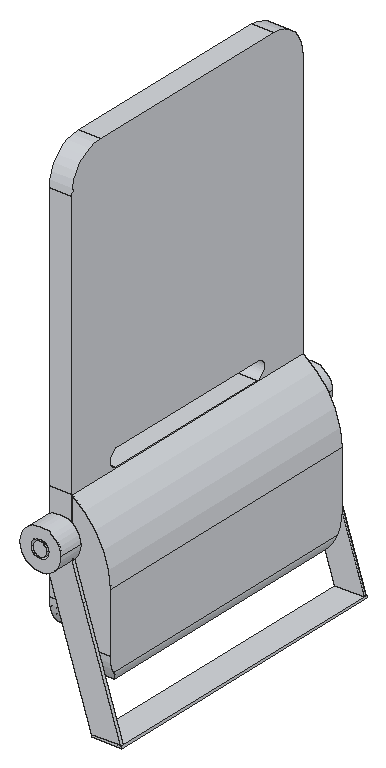
Revit family "2824014", category Generic Models, host Face, Revit 2018
Family settings
  Host = Face
  Can host rebar = No
  Round Connector Dimension = Use Diameter
  Part Type = Normal
  OmniClass Number = 23.80.70.00
  OmniClass Title = Lighting
  Cut with Voids When Loaded = No
  Shared = No
  Room Calculation Point = No
Parameters (values of type "Type Name")
  rotation axis = 142.4 mm
  bracket width = 288 mm
  URL = "http://www.sylvania-lighting.com"
  Type Image = <None>
  Type Comments = "n/a"
  Material_3_SYL = none
  Model = ""
  Manufacturer = "Feilo Sylvania"
  Keynote = ""
  Material_2_SYL = none
  Height = 157.859 mm
  Description = ""
  Default Elevation = 1219.2 mm
  Cost = 0
  Material_1_SYL = none
  Bracket Height = 195 mm
  Assembly Code = ""
  Material_4_SYL = none
Reference planes
  plane 1 "Center (Front/Back)": y = 0
  plane 2: z = 0
  plane 3 "Center (Left/Right)": x = 0
  plane 4: x = -16.5
  plane 5: x = 16.5
  plane 6: z = 155
  plane 7: x = -51.5
  plane 8: z = 137
  plane 9 "Rotation Axis": z = 142.4
  plane 10: z = 152.35
  plane 11: z = 195
  plane 12: x = -73.847
  plane 13: y = -187
  plane 14: y = 187
  plane 15: y = -160
  plane 16: y = 169
  plane 17: y = -169
  plane 18: through (-72.693, -4572, 174.07) normal (-0.3105, 0, 0.9506)
  plane 19: through (-63.557, -4572, 193.954) normal (0.9506, 0, 0.3105)
  plane 20: y = 162
  plane 21: z = 45.804
Forms (mm)
  Extrusion 1, solid, detail levels medium+fine
    sketch origin (0, 0, 0) x (1, 0, 0) y (0, 1, 0)
      loop
        line (-16.5, 169) -> (-16.5, -169) -> (16.5, -169) -> (16.5, 169) -> (-16.5, 169)
    from 0 to 2
  Extrusion 2, solid, detail levels medium+fine
    sketch origin (1524, -349.9, 1220.035) x (1, 0, 0) y (0, 0, 1)
      loop
        line (-1540.496, -1218.035) -> (-1507.966, -1218.035) -> (-1567.674, -1035.217)
        arc (-1567.674, -1035.217) -> (-1587.557, -1026.081) -> (-1596.693, -1045.965) r 15.473
        line (-1596.693, -1045.965) -> (-1540.496, -1218.035)
    from -180.9 to -182.9
  Extrusion 3, solid, detail levels medium+fine
    sketch origin (0, 0, 0.069) x (1, 0, 0) y (0, 0, 1)
      loop
        line (-16.39, 1.931) -> (16.139, 1.931) -> (-43.636, 184.958)
        arc (-43.636, 184.958) -> (-63.457, 193.922) -> (-72.656, 174.21) r 15.474
        line (-72.656, 174.21) -> (-16.39, 1.931)
    from -169 to -167
  Extrusion 4, solid, detail levels medium+fine
    sketch origin (-6.388, 0, 36.204) x (1, 0, 0) y (0, 0, 1)
      loop
        circle (-51.99, 142.374) r 22.5
    from -162 to -187
  Extrusion 5, solid, detail levels medium+fine
    sketch origin (-6.358, 0, 36.195) x (1, 0, 0) y (0, 0, 1)
      loop
        circle (-51.99, 142.374) r 22.5
    from 160 to 187
  Extrusion 6, void
    sketch origin (-6.256, 0, 44.074) x (1, 0, 0) y (0, 0, 1)
      loop
        circle (-52.373, 134.652) r 10
    from 169 to 187
  Extrusion 7, solid, detail levels fine
    sketch origin (-6.561, 0, 36.201) x (1, 0, 0) y (0, 0, 1)
      loop
        circle (-51.99, 142.374) r 7.5
    from 169 to 187
  Extrusion 8, void
    sketch origin (1517.357, -324.9, 1255.472) x (1, 0, 0) y (0, 0, 1)
      loop
        circle (-1575.99, -1076.826) r 10
    from -511.9 to -493.9
  Extrusion 9, solid, detail levels fine
    sketch origin (1517.42, -324.9, 1255.374) x (1, 0, 0) y (0, 0, 1)
      loop
        circle (-1575.99, -1076.826) r 7.5
    from -511.9 to -493.9
  Revolve 10, solid, not visible, detail levels coarse
    sketch origin (-58.257, 1528.788, 1255.151) x (0, 1, 0) y (0, 0, 1)
      loop
        line (-1362.428, -1054.349) -> (-1379.437, -1054.349) -> (-1379.437, -1074.349) -> (-1362.428, -1074.349) -> (-1362.428, -1054.349)
      axis (-1362.428, -1076.8) -> (-1379.437, -1076.8)
    angle from 0 to 180
Cuts and joins
  Extrusion 6 cuts Extrusion 5
  Extrusion 8 cuts Extrusion 4
Dimensions and locks
  "Bracket Height": plane 11 to level
  plane 17 to plane 16 = 338 mm
  equal spacing: plane 17, plane 1 "Center (Front/Back)", plane 16
  plane 13 to cut or joined group of Extrusion 5, Extrusion 6 = 18 mm
  aligned and locked: plane 2 to host face
  aligned and locked: level to host face
Automatic sketch dimensions
  host sketch curve to host sketch curve = 2438.4 mm  (x2)
  Extrusion 1 sketch curve to plane 4 = 0 mm
  Extrusion 1 sketch curve to plane 5 = 0 mm
  Extrusion 4 sketch curve to plane 9 "Rotation Axis" = 36.178 mm
  Extrusion 5 sketch curve to plane 9 "Rotation Axis" = 36.169 mm
  Extrusion 6 sketch curve to plane 9 "Rotation Axis" = 36.326 mm
  Extrusion 7 sketch curve to plane 9 "Rotation Axis" = 36.175 mm
  Extrusion 8 sketch curve to plane 9 "Rotation Axis" = 36.246 mm
  Extrusion 9 sketch curve to plane 9 "Rotation Axis" = 36.148 mm
  Revolve 10 sketch curve to plane 9 "Rotation Axis" = 35.951 mm
  Revolve 10 sketch curve to Revolve 10 sketch curve = 17.009 mm
  Revolve 10 sketch curve to plane 9 "Rotation Axis" = 38.402 mm
  plane 6 to Revolve 10 sketch curve = 45.802 mm
  Revolve 10 sketch curve to Revolve 10 sketch curve = 62.43 mm
  Revolve 10 sketch curve to Revolve 10 sketch curve = 22.367 mm
  plane 12 to Extrusion 2 sketch curve = 1.154 mm
  plane 7 to Extrusion 2 sketch curve = 6.684 mm
  Extrusion 2 sketch curve to plane 7 = 7.826 mm
  plane 4 to Extrusion 2 sketch curve = 0.004 mm
  level to Extrusion 2 sketch curve = 2 mm
  plane 6 to Extrusion 2 sketch curve = 19.07 mm
  Extrusion 2 sketch curve to Extrusion 2 sketch curve = 5.374 mm
  Extrusion 2 sketch curve to plane 5 = 0.466 mm
  plane 12 to Extrusion 3 sketch curve = 1.191 mm
  plane 7 to Extrusion 3 sketch curve = 6.582 mm
  Extrusion 3 sketch curve to plane 7 = 7.864 mm
  plane 4 to Extrusion 3 sketch curve = 0.11 mm
  Extrusion 3 sketch curve to plane 5 = 0.361 mm
  level to Extrusion 3 sketch curve = 2 mm
  Extrusion 3 sketch curve to Extrusion 3 sketch curve = 5.202 mm
  Extrusion 3 sketch curve to plane 11 = 9.973 mm
  plane 7 to Extrusion 6 sketch curve = 7.13 mm
  plane 7 to Extrusion 7 sketch curve = 7.051 mm
  plane 7 to Extrusion 9 sketch curve = 7.07 mm
  plane 7 to Extrusion 4 sketch curve = 6.879 mm
  plane 7 to Extrusion 5 sketch curve = 6.848 mm
  plane 7 to Extrusion 8 sketch curve = 7.133 mm
  Extrusion 1 sketch curve to plane 16 = 0 mm
  Revolve 10 sketch curve to plane 20 = 12.649 mm
  Extrusion 1 sketch curve to plane 17 = 0 mm
  radius of Extrusion 4 sketch curve = 22.5 mm
  radius of Extrusion 5 sketch curve = 22.5 mm
  radius of Extrusion 6 sketch curve = 10 mm
  radius of Extrusion 7 sketch curve = 7.5 mm
  radius of Extrusion 8 sketch curve = 10 mm
  radius of Extrusion 9 sketch curve = 7.5 mm
Nested families
  nested 1: "2824014" at (-58.257, -66.124, 299.223) x (0, 1, 0) z (1, 0, 0), type "2824014 RAIDEN IP66 21KLM 830 ASYM"
    with built-in parameter 1114216 (empty or 0)
Definition of nested family "2824014"
  Parameters (values of type "2824014 RAIDEN IP66 21KLM 830 ASYM")
    height = 60 mm
    Width = 319 mm
    Wattage Comments = "n/a"
    Wattage = 9.2903 W
    built-in parameter 1150110 = 1 (stored number, unit not read)
    URL = "0.95"
    Type Image = (empty or 0)
    Type Comments = "n/a"
    built-in parameter 1114217 = 1 (stored number, unit not read)
    Tilt Angle = -90.00°
    built-in parameter 1150109 = 1 (stored number, unit not read)
    built-in parameter 1150134 = 3
    built-in parameter 1150113 = 1 (stored number, unit not read)
    Photometric Web File = "2824014.IES"
    Material_3_SYL = none
    Model = "Raiden IP66 21KLM 830 Asymmetric Wide"
    Manufacturer = ""
    built-in parameter 1150105 = 109.82 (stored number, unit not read)
    Lumens = 1380 lm
    built-in parameter 1150115 = 1 (stored number, unit not read)
    built-in parameter 1150137 = (empty or 0)
    built-in parameter 1150139 = (empty or 0)
    Length = 511 mm
    built-in parameter 1150112 = 1 (stored number, unit not read)
    built-in parameter 1150114 = 1 (stored number, unit not read)
    Lamp = "n/a"
    Keynote = "n/a"
    Material_2_SYL = none
    built-in parameter 1150132 = (empty or 0)
    built-in parameter 1150102 = (empty or 0)
    built-in parameter 1150107 = 3200 (stored number, unit not read)
    built-in parameter 1150138 = (empty or 0)
    built-in parameter 1150106 = 1.0982 (stored number, unit not read)
    Emit from Circle Diameter = 609.6 mm
    Emit Shape Visible in Rendering = no
    built-in parameter 1150104 = 13.8 (stored number, unit not read)
    Dimming Lamp Color Temperature Shift = (empty or 0)
    Description = "Outdoor and indoor floodlight range with in house design, comes complete with 1m flying lead and adjustable bracket, aluminium housing, RAL 9022 - Pearl light grey, clear glass diffuser, IP66, IK08, Class I, 3000K, Non-dimming, 20100lm, 157W, 128lm/W, CRI80, Asymmetric Wide beam angle 110*50°, 100000 hrs L80B50 lifespan, 511x319x76mm (LxWxH) dimensions, 6.6kg weight."
    Default Elevation = 1219.2 mm
    Cost = 0
    Color Filter = 16777215
    built-in parameter 1114216 [instance] = (empty or 0)
    Material_1_SYL = none
    built-in parameter 1114218 = 1 (stored number, unit not read)
    built-in parameter 1150133 = 10 (stored number, unit not read)
    Assembly Code = "D5020200"
    Apparent Load = 157 VA
    Material_4_SYL = none
  Reference planes
    plane 1 "Center (Front/Back)": y = 2.5
    plane 2: z = 0.95
    plane 3 "Center (Left/Right)": x = 68.124
    plane 4: z = -14.05
    plane 5: z = 15.95
    plane 6: x = 227.624
    plane 7: z = 0.95
    plane 8: z = 45.95
    plane 9: x = -91.376
    plane 10: y = -253
    plane 11: y = 258
    plane 12: y = 5.117
    plane 13: y = -56
    plane 14: y = -49.461
    plane 15: x = 175.624
    plane 16: x = -39.376
    plane 17: x = 1.624
    plane 18: y = -226
    plane 19: y = 236
    plane 20: y = -76
    plane 21: y = -16
    plane 22: x = -67.376
    plane 23: y = -213
    plane 24: x = -51.376
    plane 25: x = 187.624
    plane 26: x = 227.624
    plane 27: x = 134.624
  Forms (mm)
    Extrusion 1, solid
      sketch origin (26.073, 0, 0.95) x (1, 0, 0) y (0, 1, 0)
        loop
          line (-1219.2, 1219.2) -> (-1219.2, -1219.2) -> (1219.2, -1219.2) -> (1219.2, 1219.2) -> (-1219.2, 1219.2)
      from 0 to -68.017
    Extrusion 2, solid, detail levels medium+fine
      sketch origin (83.124, -34.451, 0.95) x (1, 0, 0) y (0, 1, 0)
        loop
          line (-174.5, 253) -> (-174.5, -151.549)
          arc (-174.5, -151.549) -> (-162.784, -179.833) -> (-134.5, -191.549) r 40
          line (-134.5, -191.549) -> (104.5, -191.549)
          arc (104.5, -191.549) -> (132.784, -179.833) -> (144.5, -151.549) r 40
          line (144.5, -151.549) -> (144.5, 253)
          arc (144.5, 253) -> (132.784, 281.284) -> (104.5, 293) r 40
          line (104.5, 293) -> (-134.5, 293)
          arc (-134.5, 293) -> (-162.784, 281.284) -> (-174.5, 253) r 40
      from -15 to 9.702
    Extrusion 3, solid, detail levels medium+fine
      sketch origin (402.124, 1489.549, 1205.15) x (0, 1, 0) y (0, 0, 1)
        loop
          line (-1644.468, -1151.519) -> (-1728.014, -1151.519)
          arc (-1728.014, -1151.519) -> (-1739.904, -1157.404) -> (-1742.436, -1170.427) r 14.954
          line (-1742.436, -1170.427) -> (-1715.549, -1219.2) -> (-1565.549, -1219.2) -> (-1565.549, -1194.2)
          arc (-1565.549, -1194.2) -> (-1599.607, -1162.873) -> (-1644.468, -1151.519) r 94.303
      from -493.5 to -174.5
    Extrusion 4, void
      sketch origin (81.72, -11.578, 0.95) x (1, 0, 0) y (0, 1, 0)
        loop
          arc (-149.096, 10.578) -> (-144.703, -0.029) -> (-134.096, -4.422) r 15
          line (-134.096, -4.422) -> (106.904, -4.422)
          arc (106.904, -4.422) -> (117.51, -0.029) -> (121.904, 10.578) r 15
          line (121.904, 10.578) -> (121.904, 232.578)
          arc (121.904, 232.578) -> (117.51, 243.184) -> (106.904, 247.578) r 15
          line (106.904, 247.578) -> (-134.096, 247.578)
          arc (-134.096, 247.578) -> (-144.703, 243.184) -> (-149.096, 232.578) r 15
          line (-149.096, 232.578) -> (-149.096, 10.578)
      from -16.268 to -10.594
    Extrusion 5, solid, detail levels fine
      sketch origin (83.124, 0.218, 0.95) x (1, 0, 0) y (0, 1, 0)
        loop
          arc (-135.5, 235.782) -> (-146.107, 231.388) -> (-150.5, 220.782) r 15
          line (-150.5, 220.782) -> (-150.5, -1.218)
          arc (-150.5, -1.218) -> (-146.107, -11.825) -> (-135.5, -16.218) r 15
          line (-135.5, -16.218) -> (105.5, -16.218)
          arc (105.5, -16.218) -> (116.107, -11.825) -> (120.5, -1.218) r 15
          line (120.5, -1.218) -> (120.5, 220.782)
          arc (120.5, 220.782) -> (116.107, 231.388) -> (105.5, 235.782) r 15
          line (105.5, 235.782) -> (-135.5, 235.782)
      from -12.231 to -10.594
    Extrusion 6, void
      sketch origin (59.01, -67.578, 0.95) x (1, 0, 0) y (0, 1, 0)
        loop
          arc (106.512, -8.423) -> (116.512, 1.577) -> (106.512, 11.577) r 10
          line (106.512, 11.577) -> (-88.339, 11.577)
          arc (-88.339, 11.577) -> (-98.339, 1.577) -> (-88.339, -8.423) r 10
          line (-88.339, -8.423) -> (106.512, -8.423)
      from -18.734 to 12.525
    Extrusion 7, void
      sketch origin (68.124, -34.451, 0) x (0, 1, 0) y (0, 0, 1)
        loop
          line (-253.049, 15.95) -> (-253.049, -34.125) -> (-191.549, -30.902) -> (-191.549, 15.95) -> (-253.049, 15.95)
      from 66.5 to 210.265
    Extrusion 8, void
      sketch origin (68.124, -34.451, 0) x (0, 1, 0) y (0, 0, 1)
        loop
          line (-191.549, 15.95) -> (-275.432, 15.95) -> (-275.432, -28.004) -> (-191.549, -28.004) -> (-191.549, 15.95)
      from -190.34 to -66.5
    Extrusion 9, void
      sketch origin (23.624, -126, 0.95) x (1, 0, 0) y (0, 1, 0)
        loop
          line (-115, -60) -> (-115, -100) -> (-75, -100)
          arc (-75, -100) -> (-103.284, -88.284) -> (-115, -60) r 40
      from -22.043 to 15
    Extrusion 10, void
      sketch origin (91.954, 19.065, 0.95) x (1, 0, 0) y (0, 1, 0)
        loop
          line (95.67, -245.065) -> (135.67, -245.065) -> (135.67, -205.065)
          arc (135.67, -205.065) -> (123.954, -233.349) -> (95.67, -245.065) r 40
      from -24.354 to 15
    Extrusion 11, solid, detail levels medium+fine
      sketch origin (1607.216, -359.351, 1205.129) x (1, 0, 0) y (0, 0, 1)
        loop
          circle (-1419.5, -1204.2) r 11
      from -136.15 to -106.464
    Extrusion 12, void
      sketch origin (0, 0, 0.95) x (1, 0, 0) y (0, 1, 0)
        loop
          line (-91.376, -186) -> (-91.376, -226) -> (-51.376, -226)
          arc (-51.376, -226) -> (-79.66, -214.284) -> (-91.376, -186) r 40
      from 0 to 12.525
    Extrusion 13, void
      sketch origin (0, 0, 0.95) x (1, 0, 0) y (0, 1, 0)
        loop
          line (-91.376, -221) -> (-91.376, -261) -> (-51.376, -261)
          arc (-51.376, -261) -> (-79.66, -249.284) -> (-91.376, -221) r 40
      from 0 to 100
    Extrusion 14, void
      sketch origin (0, 0, 0.95) x (1, 0, 0) y (0, 1, 0)
        loop
          arc (227.624, -215.988) -> (215.905, -244.281) -> (187.612, -256) r 40.012
          line (187.612, -256) -> (227.624, -256) -> (227.624, -215.988)
      from 12.525 to 100
    Extrusion 15, solid, detail levels coarse
      sketch origin (0, 0, 0.95) x (1, 0, 0) y (0, 1, 0)
        loop
          line (-91.376, 258.549) -> (-91.376, -252.887) -> (227.624, -252.887) -> (227.624, 258.549) -> (-91.376, 258.549)
      from -15 to 52.681
  Cuts and joins
    Extrusion 4, Extrusion 6, Extrusion 7, Extrusion 8, Extrusion 9, Extrusion 10, Extrusion 12 cuts Extrusion 2
    Extrusion 6, Extrusion 7, Extrusion 8, Extrusion 9, Extrusion 10, Extrusion 12, Extrusion 13, Extrusion 14 cuts Extrusion 3
    Extrusion 14 cuts Extrusion 11
  Dimensions and locks
    "height": plane 4 to plane 8
    "Width": plane 9 to plane 6
    equal spacing: plane 9, plane 3 "Center (Left/Right)", plane 6
    equal spacing: plane 11, plane 1 "Center (Front/Back)", plane 10
    "Length": plane 11 to plane 10
    aligned and locked: plane 2 to Extrusion 1
    aligned and locked: level to Extrusion 1
  Automatic sketch dimensions
    Extrusion 1 sketch curve to Extrusion 1 sketch curve = 2438.4 mm  (x2)
    Extrusion 4 sketch curve to plane 3 "Center (Left/Right)" = 135.5 mm
    Extrusion 4 sketch curve to Extrusion 4 sketch curve = 15 mm  (x3)
    plane 1 "Center (Front/Back)" to Extrusion 4 sketch curve = 18.5 mm
    Extrusion 4 sketch curve to Extrusion 4 sketch curve = 222 mm
    Extrusion 5 sketch curve to plane 3 "Center (Left/Right)" = 135.5 mm
    Extrusion 5 sketch curve to Extrusion 5 sketch curve = 15 mm  (x2)
    plane 1 "Center (Front/Back)" to Extrusion 5 sketch curve = 18.5 mm
    Extrusion 5 sketch curve to Extrusion 5 sketch curve = 222 mm
    Extrusion 7 sketch curve to plane 5 = 0 mm
    Extrusion 7 sketch curve to plane 4 = 16.852 mm
    Extrusion 7 sketch curve to plane 4 = 20.075 mm
    Extrusion 8 sketch curve to plane 5 = 0 mm
    Extrusion 8 sketch curve to plane 4 = 13.954 mm
    Extrusion 8 sketch curve to Extrusion 8 sketch curve = 83.883 mm
    Extrusion 9 sketch curve to plane 3 "Center (Left/Right)" = 159.5 mm
    Extrusion 9 sketch curve to Extrusion 9 sketch curve = 40 mm
    Extrusion 10 sketch curve to plane 6 = 0 mm
    Extrusion 11 sketch curve to level = 0.021 mm
    Extrusion 4 sketch curve to plane 6 = 39 mm  (x2)
    Extrusion 5 sketch curve to plane 6 = 39 mm  (x2)
    Extrusion 5 sketch curve to plane 6 = 24 mm
    Extrusion 10 sketch curve to Extrusion 10 sketch curve = 40 mm
    Extrusion 11 sketch curve to plane 6 = 39.908 mm
    Extrusion 2 sketch curve to plane 9 = 0 mm
    Extrusion 2 sketch curve to plane 6 = 0 mm
    plane 10 to Extrusion 2 sketch curve = 27 mm
    plane 9 to Extrusion 2 sketch curve = 40 mm  (x2)
    Extrusion 2 sketch curve to plane 11 = 39.451 mm  (x2)
    Extrusion 2 sketch curve to plane 6 = 40 mm
    Extrusion 12 sketch curve to plane 9 = 0 mm
    Extrusion 12 sketch curve to plane 18 = 0 mm
    plane 22 to Extrusion 12 sketch curve = 16 mm
    Extrusion 13 sketch curve to plane 9 = 0 mm
    Extrusion 13 sketch curve to plane 24 = 0 mm
    Extrusion 13 sketch curve to plane 23 = 8 mm
    Extrusion 13 sketch curve to plane 10 = 8 mm
    Extrusion 14 sketch curve to plane 25 = 0.012 mm
    Extrusion 14 sketch curve to plane 6 = 0 mm
    Extrusion 14 sketch curve to plane 23 = 2.988 mm
    Extrusion 14 sketch curve to plane 10 = 3 mm
    Extrusion 7 sketch curve to plane 18 = 0 mm
    Extrusion 7 sketch curve to plane 10 = 34.5 mm
    Extrusion 8 sketch curve to plane 18 = 0 mm
    Extrusion 9 sketch curve to plane 18 = 0 mm
    Extrusion 10 sketch curve to plane 18 = 0 mm
    Extrusion 6 sketch curve to plane 13 = 0.001 mm
    Extrusion 6 sketch curve to plane 20 = 0.001 mm
    plane 16 to Extrusion 6 sketch curve = 10.047 mm
    Extrusion 6 sketch curve to plane 15 = 10.102 mm
    Extrusion 3 sketch curve to plane 4 = 0 mm
    Extrusion 3 sketch curve to plane 18 = 0 mm
    Extrusion 3 sketch curve to plane 20 = 0 mm
    plane 10 to Extrusion 3 sketch curve = 14.535 mm
    plane 10 to Extrusion 3 sketch curve = 0.113 mm
    Extrusion 3 sketch curve to plane 4 = 26.622 mm
    Extrusion 3 sketch curve to plane 8 = 11.227 mm
    Extrusion 3 sketch curve to plane 8 = 7.273 mm
    Extrusion 3 sketch curve to plane 5 = 5 mm
    Extrusion 15 sketch curve to plane 9 = 0 mm
    Extrusion 15 sketch curve to plane 6 = 0 mm
    plane 11 to Extrusion 15 sketch curve = 0.549 mm
    plane 10 to Extrusion 15 sketch curve = 0.113 mm
    radius of Extrusion 11 sketch curve = 11 mm
  Connectors
    electrical at (187.716, -252.887, 0.929)
      settings: on Extrusion 11, index 1, voltage 0 V, apparent load 0 VA, apparent load phase1 0 VA, apparent load phase2 0 VA, apparent load phase3 0 VA, power factor 1, load classification none, number of poles 1, system type 31, power factor state 1, is connector primary yes, connector utility no, sub classification motor no, connector description ""
